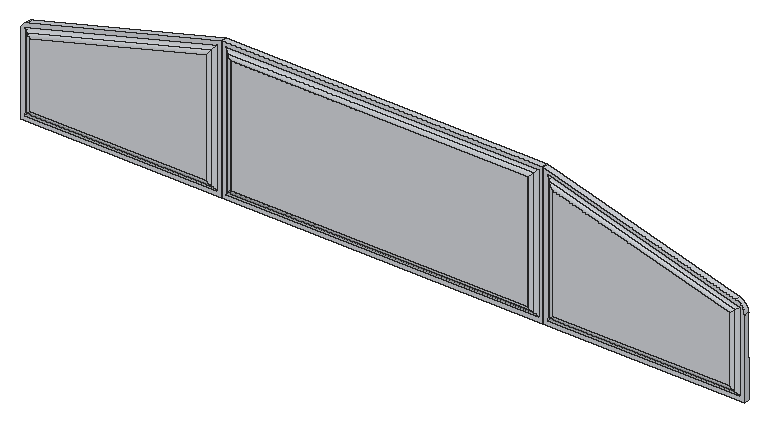
Revit family "BuzziDesk FlipFlop", category Furniture, Revit 2018
Family settings
  OmniClass Number = 23.40.20.00
  OmniClass Title = General Furniture and Specialties
  Work Plane-Based = No
  Always vertical = Yes
  Cut with Voids When Loaded = No
  Shared = No
  Room Calculation Point = No
Parameters (values of type "Middle (35cm H x 80cm L) Sides (35cm H x 50cm L)")
  Side Type = 35cm x 50cm Side : 35cm x 50cm Side
  Panel Material [instance] = none
  Length Midpart = 80 cm
  Height = 35 cm
Types (29, lengths in cm): name | Side Type | Length Midpart | Height
  (no name) | 35cm x 50cm Side : 35cm x 50cm Side | 80 | 35
  Middle (50cm H x 80cm L) Sides (50cm H x 37cm L) | 50cm x 37cm Side : 50cm x 37cm Side | 80 | 49.9963
  Middle (50cm H x 100cm L) Sides (50cm H x 37cm L) | 50cm x 37cm Side : 50cm x 37cm Side | 100 | 49.9963
  Middle (50cm H x 120cm L) Sides (50cm H x 37cm L) | 50cm x 37cm Side : 50cm x 37cm Side | 120 | 49.9963
  Middle (50cm H x 140cm L) Sides (50cm H x 37cm L) | 50cm x 37cm Side : 50cm x 37cm Side | 140 | 49.9963
  Middle (50cm H x 160cm L) Sides (50cm H x 37cm L) | 50cm x 37cm Side : 50cm x 37cm Side | 160 | 49.9963
  Middle (50cm H x 180cm L) Sides (50cm H x 37cm L) | 50cm x 37cm Side : 50cm x 37cm Side | 180 | 49.9963
  Middle (50cm H x 200cm L) Sides (50cm H x 37cm L) | 50cm x 37cm Side : 50cm x 37cm Side | 200 | 49.9963
  Middle (50cm H x 80cm L) Sides (50cm H x 50cm L) | 50cm x 50cm Side : 50cm x 50cm Side | 80 | 49.9963
  Middle (50cm H x 100cm L) Sides (50cm H x 50cm L) | 50cm x 50cm Side : 50cm x 50cm Side | 100 | 49.9963
  Middle (50cm H x 120cm L) Sides (50cm H x 50cm L) | 50cm x 50cm Side : 50cm x 50cm Side | 120 | 49.9963
  Middle (50cm H x 140cm L) Sides (50cm H x 50cm L) | 50cm x 50cm Side : 50cm x 50cm Side | 140 | 49.9963
  Middle (50cm H x 160cm L) Sides (50cm H x 50cm L) | 50cm x 50cm Side : 50cm x 50cm Side | 160 | 49.9963
  Middle (50cm H x 180cm L) Sides (50cm H x 50cm L) | 50cm x 50cm Side : 50cm x 50cm Side | 180 | 49.9963
  Middle (50cm H x 200cm L) Sides (50cm H x 50cm L) | 50cm x 50cm Side : 50cm x 50cm Side | 200 | 49.9963
  Middle (35cm H x 80cm L) Sides (35cm H x 37cm L) | 35cm x 37cm Side : 35cm x 37cm Side | 80 | 35
  Middle (35cm H x 100cm L) Sides (35cm H x 37cm L) | 35cm x 37cm Side : 35cm x 37cm Side | 100 | 35
  Middle (35cm H x 120cm L) Sides (35cm H x 37cm L) | 35cm x 37cm Side : 35cm x 37cm Side | 120 | 35
  Middle (35cm H x 140cm L) Sides (35cm H x 37cm L) | 35cm x 37cm Side : 35cm x 37cm Side | 140 | 35
  Middle (35cm H x 160cm L) Sides (35cm H x 37cm L) | 35cm x 37cm Side : 35cm x 37cm Side | 160 | 35
  Middle (35cm H x 180cm L) Sides (35cm H x 37cm L) | 35cm x 37cm Side : 35cm x 37cm Side | 180 | 35
  Middle (35cm H x 200cm L) Sides (35cm H x 37cm L) | 35cm x 37cm Side : 35cm x 37cm Side | 200 | 35
  Middle (35cm H x 80cm L) Sides (35cm H x 50cm L) | 35cm x 50cm Side : 35cm x 50cm Side | 80 | 35
  Middle (35cm H x 100cm L) Sides (35cm H x 50cm L) | 35cm x 50cm Side : 35cm x 50cm Side | 100 | 35
  Middle (35cm H x 120cm L) Sides (35cm H x 50cm L) | 35cm x 50cm Side : 35cm x 50cm Side | 120 | 35
  Middle (35cm H x 140cm L) Sides (35cm H x 50cm L) | 35cm x 50cm Side : 35cm x 50cm Side | 140 | 35
  Middle (35cm H x 160cm L) Sides (35cm H x 50cm L) | 35cm x 50cm Side : 35cm x 50cm Side | 160 | 35
  Middle (35cm H x 180cm L) Sides (35cm H x 50cm L) | 35cm x 50cm Side : 35cm x 50cm Side | 180 | 35
  Middle (35cm H x 200cm L) Sides (35cm H x 50cm L) | 35cm x 50cm Side : 35cm x 50cm Side | 200 | 35
Reference planes (cm)
  plane 1 "Center Front/Back": y = 0
  plane 2: z = 0
  plane 3 "Center Left/Right": x = 0
  plane 4: x = -40
  plane 5: x = 40
  plane 6: z = 35
Dimensions and locks (cm)
  equal spacing: plane 4, plane 3 "Center Left/Right", plane 5
  "Length Midpart": plane 4 to plane 5
  "Height": plane 6 to level
  aligned and locked: level to plane 2
  aligned and locked: plane 3 "Center Left/Right" to nested 1
  aligned and locked: plane 1 "Center Front/Back" to nested 1
  aligned and locked: plane 1 "Center Front/Back" to nested 2
  aligned and locked: plane 4 to nested 2
  aligned and locked: nested 1 to plane 5
  aligned and locked: nested 3 to plane 1 "Center Front/Back"
  aligned and locked: nested 3 to plane 5
Nested families (cm)
  nested 1: "Middle Panel" at (0, 0, 0), Panel <- "Panel Material", type "Middle Panel"
    with Panel none, Width 80 cm, Height 35 cm
  nested 2: "35cm x 50cm Side" at (-65, 0, 0), Panel <- "Panel Material", type <- "Side Type", type "35cm x 50cm Side"
  nested 3: "35cm x 50cm Side" at (65, 0, 0) x (-1, 0, 0) z (0, 0, 1), Panel <- "Panel Material", type <- "Side Type", type "35cm x 50cm Side"
Definition of nested family "Middle Panel"
  Parameters (values of type "Middle Panel")
    Width = 199.9952 cm
    Panel [instance] = none
    Height = 49.9963 cm
  Reference planes (cm)
    plane 1 "Center Front/Back": y = 0
    plane 2: z = 0
    plane 3 "Center Left/Right": x = 0
    plane 4: x = 99.9976
    plane 5: x = -99.9976
    plane 6: y = -1.5
    plane 7: y = 1.5
    plane 8: z = 49.9963
    plane 9: z = 46.9801
    plane 10: x = -96.9814
    plane 11: x = 96.9814
    plane 12: z = 3.0162
  Forms (cm)
    Extrusion 1, solid, material <- "Panel"
      sketch origin (0, 0, 0) x (1, 0, 0) y (0, 0, 1)
        loop
          line (-96.9814, 46.9801) -> (-96.9814, 3.0162) -> (96.9814, 3.0162) -> (96.9814, 46.9801) -> (-96.9814, 46.9801)
      from -1.5 to 1.5
    Sweep 2, solid, material <- "Panel"
      path origin (0, 0, 0) x (1, 0, 0) y (0, 0, 1)
        loop
          line (-96.9814, 3.0162) -> (96.9814, 3.0162) -> (96.9814, 46.9801) -> (-96.9814, 46.9801) -> (-96.9814, 3.0162)
      profile origin (0, 0, 3.0162) x (0, 0, 1) y (0, -1, 0)
        loop
          line (0, -1.5) -> (0, 1.5)
          arc (0, 1.5) -> (-0.5595, 1.3916) -> (-1.0151, 1.0493) r 1.2688
          arc (-1.0151, 1.0493) -> (-1.4385, 0.7224) -> (-1.9593, 0.6) r 1.2635
          line (-1.9593, 0.6) -> (-3, 0.6) -> (-3, -0.6) -> (-1.9593, -0.6)
          arc (-1.9593, -0.6) -> (-1.4385, -0.7224) -> (-1.0151, -1.0493) r 1.2635
          arc (-1.0151, -1.0493) -> (-0.5595, -1.3916) -> (0, -1.5) r 1.2688
  Dimensions and locks (cm)
    equal spacing: plane 4, plane 3 "Center Left/Right", plane 5
    locked: plane 8 to plane 9 at 3.0162
    "Height": plane 8 to level
    "Width": plane 4 to plane 5
    locked: plane 10 to plane 5 at 3.0162
    locked: plane 11 to plane 4 at 3.0162
    locked: plane 12 to level at 3.0162
    aligned and locked: level to plane 2
    aligned and locked: Sweep 2 sketch curve to plane 10
    aligned and locked: Sweep 2 sketch curve to plane 9
    aligned and locked: Sweep 2 sketch curve to plane 11
    aligned and locked: Sweep 2 sketch curve to plane 12
    aligned and locked: Extrusion 1 sketch curve to plane 9
    aligned and locked: Extrusion 1 sketch curve to plane 10
    aligned and locked: Extrusion 1 sketch curve to plane 11
    aligned and locked: Extrusion 1 sketch curve to plane 12
  Automatic sketch dimensions
    profile plane to Sweep 2 sketch curve = 0 cm
    profile plane to Sweep 2 sketch curve = 0.0446 cm  (x2)
    plane 1 "Center Front/Back" to Sweep 2 sketch curve = 0.6 cm
    Sweep 2 sketch curve to Sweep 2 sketch curve = 1.9147 cm
    Sweep 2 sketch curve to plane 1 "Center Front/Back" = 0.6 cm
    Sweep 2 sketch curve to Sweep 2 sketch curve = 0 cm
    Sweep 2 sketch curve to Sweep 2 sketch curve = 0.0222 cm  (x2)
    Sweep 2 sketch curve to Sweep 2 sketch curve = 1.0407 cm
    Sweep 2 sketch curve to plane 1 "Center Front/Back" = 1.5 cm
    Sweep 2 sketch curve to Sweep 2 sketch curve = 1.2633 cm  (x2)
    Sweep 2 sketch curve to plane 1 "Center Front/Back" = 0.2319 cm
    plane 1 "Center Front/Back" to Sweep 2 sketch curve = 0.2319 cm
    Sweep 2 sketch curve to Sweep 2 sketch curve = 1.2681 cm
Definition of nested family "35cm x 50cm Side"
  Parameters (values of type "35cm x 50cm Side")
    Panel [instance] = none
  Reference planes (cm)
    plane 1 "Center Front/Back": y = 0
    plane 2: z = 0
    plane 3 "Center Left/Right": x = 0
    plane 4: x = 25
    plane 5: x = -25
    plane 6: y = -1.5
    plane 7: y = 1.5
  Forms (cm)
    Extrusion 1, solid, material <- "Panel"
      sketch origin (0, 0, 0) x (1, 0, 0) y (0, 0, 1)
        loop
          line (-22, 19.3006) -> (-22, 3) -> (22, 3) -> (22, 31.0903) -> (-22, 19.3006)
      from -1.5 to 1.5
    Sweep 2, solid, material <- "Panel"
      path origin (0, 0, 0) x (1, 0, 0) y (0, 0, 1)
        loop
          line (-22, 3) -> (22, 3) -> (22, 31.0903) -> (-22, 19.3006) -> (-22, 3)
      profile origin (0, 0, 3) x (0, 0, 1) y (0, -1, 0)
        loop
          line (0, -1.5) -> (0, 1.5)
          arc (0, 1.5) -> (-0.5595, 1.3916) -> (-1.0151, 1.0493) r 1.2688
          arc (-1.0151, 1.0493) -> (-1.4385, 0.7224) -> (-1.9593, 0.6) r 1.2635
          line (-1.9593, 0.6) -> (-3, 0.6) -> (-3, -0.6) -> (-1.9593, -0.6)
          arc (-1.9593, -0.6) -> (-1.4385, -0.7224) -> (-1.0151, -1.0493) r 1.2635
          arc (-1.0151, -1.0493) -> (-0.5595, -1.3916) -> (0, -1.5) r 1.2688
    Extrusion 3, void
      sketch origin (0, 0, 0) x (1, 0, 0) y (0, 0, 1)
        loop
          line (-22.7765, 22.1983) -> (-22.9163, 22.7609) -> (-25.5468, 22.7609) -> (-25.5468, 19.3006) -> (-25, 19.3006)
          arc (-25, 19.3006) -> (-24.3947, 21.1381) -> (-22.7765, 22.1983) r 2.9314
      from -1.5 to 2.2821
  Cuts and joins
    Extrusion 3 cuts Sweep 2
    joined: Extrusion 1, Sweep 2
  Dimensions and locks (cm)
    aligned and locked: level to plane 2
